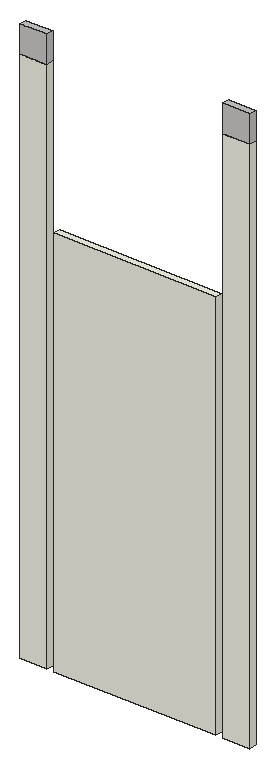
Revit family "Toilet_Partition-Bobrick-B1038-Ceiling_Hung (3)", category Specialty Equipment, host Ceiling, Revit 2014
Parameters (values of type "B-1038")
  Width Value = if(Inswing Visibility, Inswing Value, if(Outswing, Outswing Value, if(Panel, Panel Value, 36")))  # 24"
  URL = "http://www.bobrick.com"
  Right Stile Visible = yes
  Right Stile Value = if(Right Stile Width < 3", 3", if(Right Stile Width > 24", 24", Right Stile Width))  # 4"
  Partition Material = Laminated Plastic - Bobrick - Designer White
  Panel Value = if(DoorPanel Width < 1", 1", if(DoorPanel Width > 84", 84", DoorPanel Width))  # 24"
  Panel Height [instance] = if(Ceiling Height < 96", 84", if(Ceiling Height > 120", 108", (Ceiling Height - 12")))  # 84"
  Panel = not(Door Panel)  # no
  Outswing Value = if(DoorPanel Width < 25", 25", if(DoorPanel Width > 37", 37", DoorPanel Width))  # 25"
  Outswing = and(not(Inswing Visibility), Door Panel)  # no
  Model = "B1038 TrimLineSeries Ceiling-Hung"
  Manufacturer = "Bobrick Washroom Equipment, Inc."
  Left Stile Visible = yes
  Left Stile Value = if(Left Stile Width < 3", 3", if(Left Stile Width > 24", 24", Left Stile Width))  # 4"
  Inswing Visibility = and(Inswing, Door Panel)  # yes
  Inswing Value = if(DoorPanel Width < 22", 22", if(DoorPanel Width > 37", 37", DoorPanel Width))  # 24"
  Inswing = yes
  DoorPanel Width = 24"
  Door Panel = yes
  Description = "Laminated Plastic Partitions and Screens with Stainless Steel Edges"
  Right Stile Width = 4"
  Ceiling Height [instance] = 96"
  Assembly Code = "C1030200"
  Left Stile Width = 4"
Reference planes (in)
  plane 1 "Center (Front/Back)": y = 0
  plane 2 "Ceiling": z = 96
  plane 3 "Center (Left/Right)": x = 0
  plane 4: y = 0.5
  plane 5: y = -0.5
  plane 6: x = -17
  plane 7: x = -13
  plane 8: x = -12
  plane 9: x = 12
  plane 10: x = 13
  plane 11: x = 17
  plane 12: z = 92
  plane 13: z = 70
  plane 14: z = 12
  plane 15: z = 41
  plane 16: x = 11
  plane 17: y = 24.5
Forms (in)
  Extrusion 1, solid, material "Laminated Plastic - Bobrick - Designer White" <- "Partition Material", visible <- "Left Stile Visible"
    sketch origin (0, 0, 0) x (1, 0, 0) y (0, 1, 0)
      loop
        line (-17, 0.5) -> (-17, -0.5) -> (-13, -0.5) -> (-13, 0.5) -> (-17, 0.5)
    from 12 to 92
  Extrusion 2, solid, material "Laminated Plastic - Bobrick - Designer White" <- "Partition Material", visible <- "Right Stile Visible"
    sketch origin (0, 0, 0) x (1, 0, 0) y (0, 1, 0)
      loop
        line (13, 0.5) -> (13, -0.5) -> (17, -0.5) -> (17, 0.5) -> (13, 0.5)
    from 12 to 92
  Extrusion 3, solid, material "Laminated Plastic - Bobrick - Designer White" <- "Partition Material"
    sketch origin (0, 0, 0) x (1, 0, 0) y (0, 1, 0)
      loop
        line (-12, 0.5) -> (-12, -0.5) -> (12, -0.5) -> (12, 0.5) -> (-12, 0.5)
    from 12 to 70
  Extrusion 4, solid, material "Stainless Steel - Bobrick - Satin", visible <- "Left Stile Visible"
    sketch origin (0, 0, 0) x (1, 0, 0) y (0, 1, 0)
      loop
        line (-17, 0.5) -> (-17, -0.5) -> (-13, -0.5) -> (-13, 0.5) -> (-17, 0.5)
    from 92 to 96
  Extrusion 5, solid, material "Stainless Steel - Bobrick - Satin", visible <- "Right Stile Visible"
    sketch origin (0, 0, 0) x (1, 0, 0) y (0, 1, 0)
      loop
        line (13, 0.5) -> (13, -0.5) -> (17, -0.5) -> (17, 0.5) -> (13, 0.5)
    from 92 to 96
Lines and regions (in)
  Masking region 1, visible <- "Left Stile Visible"
    outline origin (0, 0, 0) x (1, 0, 0) y (0, 0, 1)
      loop
        line (-17, 12) -> (-13, 12) -> (-13, 96) -> (-17, 96) -> (-17, 12)
  Masking region 2, visible <- "Right Stile Visible"
    outline origin (0, 0, 0) x (1, 0, 0) y (0, 0, 1)
      loop
        line (13, 96) -> (13, 12) -> (17, 12) -> (17, 96) -> (13, 96)
  Masking region 3
    outline origin (0, 0, 0) x (1, 0, 0) y (0, 0, 1)
      loop
        line (-12, 70) -> (-12, 12) -> (12, 12) -> (12, 70) -> (-12, 70)
  Masking region 4
    outline origin (0, 0, 0) x (0, 1, 0) y (0, 0, 1)
      loop
        line (0.5, 96) -> (-0.5, 96) -> (-0.5, 12) -> (0.5, 12) -> (0.5, 96)
  Masking region 5, visible <- "Left Stile Visible"
    outline origin (0, 0, 0) x (1, 0, 0) y (0, 1, 0)
      loop
        line (-17, 0.5) -> (-17, -0.5) -> (-13, -0.5) -> (-13, 0.5) -> (-17, 0.5)
  Masking region 6, visible <- "Panel"
    outline origin (0, 0, 0) x (1, 0, 0) y (0, 1, 0)
      loop
        line (-12, 0.5) -> (-12, -0.5) -> (12, -0.5) -> (12, 0.5) -> (-12, 0.5)
  Masking region 7, visible <- "Right Stile Visible"
    outline origin (0, 0, 0) x (1, 0, 0) y (0, 1, 0)
      loop
        line (13, 0.5) -> (13, -0.5) -> (17, -0.5) -> (17, 0.5) -> (13, 0.5)
  symbolic lines, style "Partition Elevation Swing", visible <- "Door Panel"
    curve 1: line (-12, 0, 70) -> (12, 0, 41)
    curve 2: line (12, 0, 41) -> (-12, 0, 12)
  symbolic lines, style "Partition Plan Swing", visible <- "Door Panel"
    curve 3: line (11, 24.5, 0) -> (11, 0.5, 0)
    curve 4: line (11, 24.5, 0) -> (12, 24.5, 0)
    curve 5: line (12, 24.5, 0) -> (12, 0.5, 0)
    curve 6: line (11, 0.5, 0) -> (12, 0.5, 0)
    curve 7: arc (-12, 0.5, 0) -> (-4.97056, 17.47056, 0) -> (12, 24.5, 0) r 24
  symbolic lines, style "Partition", visible <- "Left Stile Visible"
    curve 8: line (-17, 0, 92) -> (-13, 0, 92)
  symbolic lines, style "Partition", visible <- "Right Stile Visible"
    curve 9: line (13, 0, 92) -> (17, 0, 92)
Dimensions and locks (in)
  equal spacing: host sketch curve, plane 3 "Center (Left/Right)", host sketch curve
  equal spacing: host sketch curve, plane 1 "Center (Front/Back)", host sketch curve
  host sketch curve to host sketch curve = 120"  (x2)
  locked: plane 7 to plane 8 at 1
  locked: plane 9 to plane 10 at 1
  "Width Value": plane 8 to plane 9
  equal spacing: plane 8, plane 3 "Center (Left/Right)", plane 9
  "Right Stile Value": plane 10 to plane 11
  "Left Stile Value": plane 6 to plane 7
  equal spacing: plane 5, plane 1 "Center (Front/Back)", plane 4
  locked: plane 4 to plane 5 at 1
  locked: plane 2 "Ceiling" to plane 12 at 4
  locked: plane 13 to plane 14 at 58
  locked: plane 2 "Ceiling" to host ceiling
  "Panel Height": plane 2 "Ceiling" to plane 14
  equal spacing: plane 13, plane 15, plane 14
  "Width Value": plane 17 to plane 4
  locked: plane 16 to plane 9 at 1
  plane 9 to plane 8 = 24"
  aligned and locked: Extrusion 1 sketch curve to plane 4
  aligned and locked: Extrusion 1 sketch curve to plane 7
  aligned and locked: plane 5 to Extrusion 1 sketch curve
  aligned and locked: plane 6 to Extrusion 1 sketch curve
  aligned and locked: Extrusion 2 sketch curve to plane 4
  aligned and locked: plane 10 to Extrusion 2 sketch curve
  aligned and locked: plane 5 to Extrusion 2 sketch curve
  aligned and locked: Extrusion 2 sketch curve to plane 11
  aligned and locked: Extrusion 3 sketch curve to plane 4
  aligned and locked: plane 8 to Extrusion 3 sketch curve
  aligned and locked: plane 5 to Extrusion 3 sketch curve
  aligned and locked: Extrusion 3 sketch curve to plane 9
  aligned: plane 2 "Ceiling" to Extrusion 1
  aligned and locked: plane 13 to Extrusion 3
  aligned: plane 2 "Ceiling" to Extrusion 2
  aligned and locked: Extrusion 2 to plane 14
  aligned and locked: Extrusion 3 to plane 14
  aligned and locked: Extrusion 1 to plane 14
  aligned and locked: plane 12 to Extrusion 1
  aligned and locked: plane 12 to Extrusion 2
  aligned and locked: Extrusion 4 sketch curve to plane 7
  aligned and locked: plane 6 to Extrusion 4 sketch curve
  aligned and locked: Extrusion 4 sketch curve to plane 4
  aligned and locked: plane 5 to Extrusion 4 sketch curve
  aligned and locked: plane 2 "Ceiling" to Extrusion 4
  aligned and locked: Extrusion 4 to plane 12
  aligned and locked: curve 3 to plane 16
  aligned and locked: curve 4 to plane 17
  aligned and locked: Extrusion 3 to curve 7
  aligned and locked: plane 9 to curve 7
  aligned and locked: plane 4 to curve 7
  aligned and locked: Extrusion 5 to plane 10
  aligned and locked: plane 11 to Extrusion 5
  aligned and locked: Extrusion 5 to plane 12
  aligned and locked: plane 2 "Ceiling" to Extrusion 5
  aligned and locked: Masking region 1 sketch curve to plane 6
  aligned and locked: Masking region 1 sketch curve to plane 14
  aligned and locked: plane 7 to Masking region 1 sketch curve
  aligned and locked: plane 2 "Ceiling" to Masking region 1 sketch curve
  aligned and locked: curve 8 to plane 12
  aligned and locked: plane 7 to curve 8
  aligned and locked: plane 6 to curve 8
  aligned and locked: plane 14 to Masking region 2 sketch curve
  aligned and locked: Masking region 2 sketch curve to plane 11
  aligned and locked: plane 10 to Masking region 2 sketch curve
  aligned and locked: Masking region 2 sketch curve to plane 2 "Ceiling"
  aligned and locked: curve 9 to plane 12
  aligned and locked: plane 10 to curve 9
  aligned and locked: plane 11 to curve 9
  aligned and locked: Masking region 3 sketch curve to plane 9
  aligned and locked: plane 8 to Masking region 3 sketch curve
  aligned and locked: Masking region 3 sketch curve to plane 13
  aligned and locked: plane 14 to Masking region 3 sketch curve
  aligned and locked: plane 14 to Masking region 4 sketch curve
  aligned and locked: Masking region 4 sketch curve to plane 2 "Ceiling"
  aligned and locked: Masking region 4 sketch curve to plane 4
  aligned and locked: Masking region 4 sketch curve to plane 5
  aligned and locked: plane 11 to Masking region 7
  aligned and locked: plane 4 to Masking region 7
  aligned and locked: Masking region 7 to plane 10
  aligned and locked: Masking region 7 to plane 5
  aligned and locked: plane 9 to Masking region 6
  aligned and locked: Masking region 6 to plane 8
  aligned and locked: plane 4 to Masking region 6
  aligned and locked: Masking region 6 to plane 5
  aligned and locked: plane 7 to Masking region 5
  aligned and locked: Masking region 5 to plane 6
  aligned and locked: plane 4 to Masking region 5
  aligned and locked: Masking region 5 to plane 5
Automatic sketch dimensions
  curve 2 to plane 8 = 0"
  curve 1 to plane 8 = 0"
  curve 2 to plane 9 = 0"
  curve 2 to plane 14 = 0"
  curve 1 to plane 15 = 0"
  curve 1 to plane 13 = 0"
  curve 5 to plane 4 = 0"
  Extrusion 5 sketch curve to plane 4 = 0"
  Extrusion 5 sketch curve to plane 10 = 0"
  plane 11 to Extrusion 5 sketch curve = 0"
  Extrusion 5 sketch curve to plane 5 = 0"
  Masking region 5 sketch curve to plane 6 = 0"
  Masking region 5 sketch curve to plane 5 = 0"
  Masking region 5 sketch curve to plane 7 = 0"
  plane 4 to Masking region 5 sketch curve = 0"
  plane 7 to Masking region 6 sketch curve = 1"
  plane 3 "Center (Left/Right)" to Masking region 6 sketch curve = 12"
  Masking region 6 sketch curve to plane 5 = 0"
  plane 4 to Masking region 6 sketch curve = 0"
  plane 16 to Masking region 7 sketch curve = 2"
  Masking region 7 sketch curve to plane 5 = 0"
  plane 10 to Masking region 7 sketch curve = 4"
  plane 4 to Masking region 7 sketch curve = 0"
